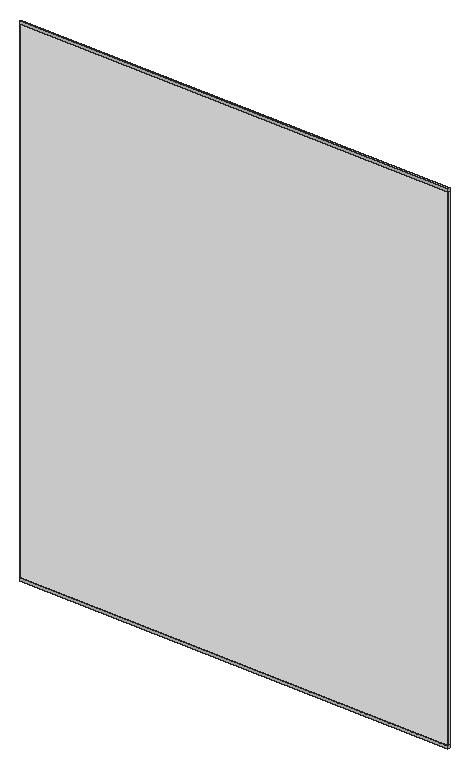
Revit family "Freestanding_Storage_&_Accessories-Teknion-RACMF_Glass_Markerboard-R2019", category Furniture, Revit 2019
Family settings
  OmniClass Number = 23.40.20.00
  OmniClass Title = General Furniture and Specialties
  Work Plane-Based = No
  Always vertical = Yes
  Cut with Voids When Loaded = No
  Shared = Yes
  Room Calculation Point = No
Parameters (values of type "Above Worksurface Starting Height, 72" Finishing Height")
  Width [instance] = 36.000"
  Warranty = "http://www.teknion.com/ca/papers/legal-canada"
  Unit Weight URL = "http://www.teknion.com/ca/tools/assets#&asset=bee6a381-b954-425e-8283-5a2de3a804f2,f828d448-4b62-4231-9e5f-9a8991c0ed77"
  URL = "www.teknion.com"
  To render please download texture images found here [instance] = "https://assets.teknion.com/web/5e81352c1dfdb467/revit-material-swatches/"
  Sustainability Data = "https://www.teknion.com/ca/tools/assets#&topic=216f99a5-57a0-44fc-b10a-9dee9b29ae4c&asset=444deb64-fe58-4b68-981e-f75e97781df7,b4ff2d81-9f2e-437d-9659-7cffb09c31cf"
  Series = "Expansion Desking"  # constant formula
  Product Page URL = "https://www.teknion.com/ca/products/product-details?productLineId=2b4e336e-8e7a-673b-a6c8-ff00004460c4"
  Product Line = "Expansion Desking"  # constant formula
  Product Documentation Link = "https://www.teknion.com/pricing/expansion-desking/pdfs/RAcmf_ppg.pdf"
  Part Number = "RACMF"  # constant formula
  Model = "RACMF_3072__"
  Markerboard Style Note [instance] = "Please choose one of the following below."  # constant formula
  Manufacturer Phone = "416-661-3370"  # constant formula
  Manufacturer Fax = "416.661.4586"  # constant formula
  Manufacturer Contact Information = "http://www.teknion.com/ca/contactus"
  Manufacturer Address = "1150 Flint Road, Toronto, ON. M3J 2J5. Canada"  # constant formula
  Manufacturer = "Teknion"  # constant formula
  Magnetic Glass [instance] = not(Glass only)  # no
  How To Use Teknion Materials User Guide [instance] = "https://assets.teknion.com/m/205dd0a49fa58060/original/How-to-add-a-Material-Library-and-Texture-Images-to-your-Revit-project.pdf"
  Height = 72.000"
  Glass only [instance] = yes
  Glass Finish [instance] = Back-painted Glass - K7 - Teknion - Very White
  For Additional Finishes please visit [instance] = "https://assets.teknion.com/m/44a8009b046e5d47/original/Teknion_Materials_Library.zip"
  Description = "Glass Markerboard – Freestanding Storage Mounted, Above Worksurface Starting Height, 72\" Finishing Height"
  Bottom of Board Offset = 30.118"
  Available Widths [instance] = if(Height = 72.000", "24\", 30\", or 36\"", if(Height = 66.000", "15\", 20\", 24\", 30\", or 36\"", "15\", 20\", 24\", 30\", 36\", 42\", or 48\""))  # "24\", 30\", or 36\""
  Assembly Code = "E2020200"
  Actual Width [instance] = if(Width = 15.000", 15.264", Width - 0.236")  # 35.764"
Types (9): name | Model | Magnetic Glass | Height | Glass only | Description | Bottom of Board Offset | Available Widths
  (no name) | "RACMF_3072__" | no | 72.000" | yes | "Glass Markerboard – Freestanding Storage Mounted, Above Worksurface Starting Height, 72\" Finishing Height" | 30.118" | "24\", 30\", or 36\""
  Above Floor Starting Height, 42" Finishing Height | "RACMF_0142__" | no | 41.88189" | yes | "Glass Markerboard – Freestanding Storage Mounted, Above Floor Starting Height, 42\" Finishing Height" | 0.72047" | "15\", 20\", 24\", 30\", 36\", 42\", or 48\""
  Above Worksurface Starting Height, 42" Finishing Height | "RACMF_3042__" | no | 41.88189" | yes | "Glass Markerboard – Freestanding Storage Mounted, Above Worksurface Starting Height, 42\" Finishing Height" | 30.118" | "15\", 20\", 24\", 30\", 36\", 42\", or 48\""
  Above Worksurface Starting Height, 51" Finishing Height | "RACMF_3051__" | no | 50.172" | yes | "Glass Markerboard – Freestanding Storage Mounted, Above Worksurface Starting Height, 51\" Finishing Height" | 30.118" | "15\", 20\", 24\", 30\", 36\", 42\", or 48\""
  Above Worksurface Starting Height, 66" Finishing Height | "RACMF_3066__" | no | 66.000" | yes | "Glass Markerboard – Freestanding Storage Mounted, Above Worksurface Starting Height, 66\" Finishing Height" | 30.118" | "15\", 20\", 24\", 30\", or 36\""
  Above Worksurface Starting Height, 72" Finishing Height | "RACMF_3072__" | no | 72.000" | yes | "Glass Markerboard – Freestanding Storage Mounted, Above Worksurface Starting Height, 72\" Finishing Height" | 30.118" | "24\", 30\", or 36\""
  Above Floor Starting Height, 51" Finishing Height | "RACMF_0151__" | no | 50.172" | yes | "Glass Markerboard – Freestanding Storage Mounted, Above Floor Starting Height, 51\" Finishing Height" | 0.72047" | "15\", 20\", 24\", 30\", 36\", 42\", or 48\""
  Above Floor Starting Height, 66" Finishing Height | "RACMF_0166__" | no | 66.000" | yes | "Glass Markerboard – Freestanding Storage Mounted, Above Floor Starting Height, 66\" Finishing Height" | 0.72047" | "15\", 20\", 24\", 30\", or 36\""
  Above Floor Starting Height, 72" Finishing Height | "RACMF_0172__" | yes | 72.000" | no | "Glass Markerboard – Freestanding Storage Mounted, Above Floor Starting Height, 72\" Finishing Height" | 0.72047" | "24\", 30\", or 36\""
Reference planes (in)
  plane 1 "Center Front/Back": y = 0.00655
  plane 2: z = 0
  plane 3 "Center Left/Right": x = 0.47001
  plane 4 "Left": x = -17.41199
  plane 5 "Right": x = 18.35201
  plane 6 "Back": y = 0.08529
  plane 7 "Front": y = -0.07219
  plane 8 "Top": z = 72
  plane 9 "Bottom of Board": z = 30.118
Forms (in)
  Sweep 1, solid, material "Glass - Teknion - A5 - Standard - Clear"
    path origin (0, 0.00655, 0) x (1, 0, 0) y (0, 0, 1)
      loop
        line (0.47001, 30.31485) -> (0.47001, 71.80315)
    profile origin (0.47001, 0.00655, 51.059) x (-1, 0, 0) y (0, -1, 0)
      loop
        line (17.882, 0.07874) -> (-17.882, 0.07874) -> (-17.882, 0.02126) -> (17.882, 0.02126) -> (17.882, 0.07874)
  Sweep 2, solid, material "Paint - Teknion - Foundation - Very White"
    path origin (0, 0.00655, 0) x (1, 0, 0) y (0, 0, 1)
      loop
        line (0.47001, 71.80315) -> (0.47001, 72)
    profile origin (0.47001, 0.00655, 71.90157) x (-1, 0, 0) y (0, -1, 0)
      loop
        line (17.882, -0.07874) -> (17.882, 0.07874) -> (-17.882, 0.07874) -> (-17.882, -0.07874) -> (17.882, -0.07874)
  Sweep 3, solid, material "Paint - Teknion - Foundation - Very White"
    path origin (0, 0.00655, -40.96457) x (1, 0, 0) y (0, 0, 1)
      loop
        line (0.47001, 71.08257) -> (0.47001, 71.27942)
    profile origin (0.47001, 0.00655, 30.21643) x (-1, 0, 0) y (0, -1, 0)
      loop
        line (17.882, -0.07874) -> (17.882, 0.07874) -> (-17.882, 0.07874) -> (-17.882, -0.07874) -> (17.882, -0.07874)
  Sweep 4, solid, material "Back-painted Glass - K7 - Teknion - Very White" <- "Glass Finish"
    path origin (0, 0.00655, 0) x (1, 0, 0) y (0, 0, 1)
      loop
        line (0.47001, 30.31485) -> (0.47001, 71.80315)
    profile origin (0.47001, 0.00655, 51.059) x (-1, 0, 0) y (0, -1, 0)
      loop
        line (17.882, 0.02126) -> (-17.882, 0.02126) -> (-17.882, -0.07874) -> (17.882, -0.07874) -> (17.882, 0.02126)
Lines and regions (in)
  Masking region 1
    outline origin (0, 0, 0) x (1, 0, 0) y (0, 1, 0)
      loop
        line (-17.41199, 0.08529) -> (-17.41199, -0.07219) -> (18.35201, -0.07219) -> (18.35201, 0.08529) -> (-17.41199, 0.08529)
Dimensions and locks (in)
  "Actual Width": plane 4 "Left" to plane 5 "Right"
  plane 6 "Back" to plane 1 "Center Front/Back" to plane 7 "Front" = 0.07874" locked, 0.07874" locked
  "Height": plane 8 "Top" to level
  equal spacing: plane 4 "Left", plane 3 "Center Left/Right", plane 5 "Right"
  "Bottom of Board Offset": plane 9 "Bottom of Board" to level
  locked: plane 8 "Top" to Sweep 1 sketch curve at 0.19685
  locked: Sweep 1 sketch curve to plane 9 "Bottom of Board" at 0.19685
  locked: Sweep 3 sketch curve to plane 9 "Bottom of Board" at 0.19685
  locked: plane 1 "Center Front/Back" to Sweep 1 sketch curve at 0.02126
  locked: plane 8 "Top" to Sweep 4 sketch curve at 0.19685
  locked: Sweep 4 sketch curve to plane 9 "Bottom of Board" at 0.19685
  locked: Sweep 4 sketch curve to plane 1 "Center Front/Back" at 0.02126
  aligned and locked: level to plane 2
  aligned and locked: plane 3 "Center Left/Right" to Sweep 1 sketch curve
  aligned and locked: Sweep 1 sketch curve to plane 7 "Front"
  aligned and locked: Sweep 1 sketch curve to plane 4 "Left"
  aligned and locked: plane 5 "Right" to Sweep 1 sketch curve
  aligned and locked: Sweep 1 to Sweep 2 sketch curve
  aligned and locked: plane 8 "Top" to Sweep 2 sketch curve
  aligned and locked: plane 9 "Bottom of Board" to Sweep 3 sketch curve
  aligned and locked: Sweep 3 sketch curve to plane 4 "Left"
  aligned and locked: Sweep 3 sketch curve to plane 6 "Back"
  aligned and locked: Sweep 3 sketch curve to plane 7 "Front"
  aligned and locked: Sweep 3 sketch curve to plane 5 "Right"
  aligned and locked: Sweep 4 sketch curve to plane 6 "Back"
  aligned and locked: Sweep 4 sketch curve to plane 4 "Left"
  aligned and locked: Sweep 4 sketch curve to plane 5 "Right"
  aligned and locked: Sweep 2 sketch curve to plane 6 "Back"
  aligned and locked: Sweep 2 sketch curve to plane 7 "Front"
  aligned and locked: Sweep 2 sketch curve to plane 4 "Left"
  aligned and locked: Sweep 2 sketch curve to plane 5 "Right"
  aligned and locked: Masking region 1 sketch curve to plane 4 "Left"
  aligned and locked: Masking region 1 sketch curve to plane 6 "Back"
  aligned and locked: Masking region 1 sketch curve to plane 7 "Front"
  aligned and locked: Masking region 1 sketch curve to plane 5 "Right"
Automatic sketch dimensions
  Sweep 2 sketch curve to plane 3 "Center Left/Right" = 0.000"
  Sweep 3 sketch curve to plane 3 "Center Left/Right" = 0.000"
  Sweep 4 sketch curve to plane 3 "Center Left/Right" = 0.000"
